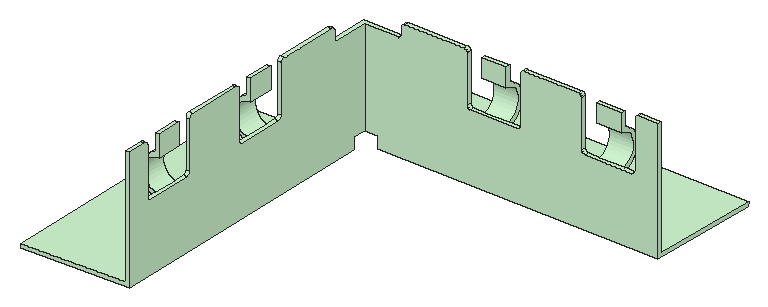
Revit family "25lbarj_el3025_out", category 機械設備, Revit 2022
Family settings
  丸型コネクタ寸法 = 直径を使用
  種別 = なし
  パーツ タイプ = 標準
  作業面ベース = いいえ
  常に垂直 = はい
  ロード時にボイドで切り取り = いいえ
  注釈の向きを維持 = いいえ
  共有 = いいえ
  部屋計算ポイント = いいえ
Parameters
  製造元 = "株式会社桐井製作所"
  既定の高さ = 0 mm
  URL = "https://www.kirii.co.jp/"
  K_材質 = "溶融亜鉛めっき鋼板及び鋼帯 SGCC 一般用"
  K_品名 = "25Lバー出隅J-eL3025(ツメ)"
  K_名称 = "Lバージョイント"
  K_入数 = "250"
  K_備考 = "対象Lバー:eL3025(25面)"
  K_バージョン情報 = "20220915"
  K_めっき付着量 = "Z12"
  K_JIS規格 = "JIS G 3302"
Reference planes
  plane 1 "中心(正面/背面)": y = 0
  plane 2: z = 0
  plane 3 "中心(左/右)": x = 0
Forms (mm)
  Extrusion 1, solid
    sketch origin (0, -0.819, 0) x (0, -1, 0) y (0, 0, 1)
      loop
        line (-0.8, 0.859) -> (-23.329, 0.278) -> (-23.301, -0.521) -> (0, 0.08) -> (0, 24.958) -> (-0.8, 24.958) -> (-0.8, 0.859)
    from -61 to -0.8
  Extrusion 2, solid
    sketch origin (0, 0.824, 0) x (-1, 0, 0) y (0, 0, -1)
      loop
        line (-0.8, -0.081) -> (-0.8, -24.987) -> (0, -24.987) -> (0, -0.86) -> (21.71, -0.287) -> (21.682, 0.513) -> (-0.8, -0.081)
    from 0.824 to 61.824
  Extrusion 3, void
    sketch origin (77.672, -0.019, -0.542) x (-1, 0, 0) y (0, 0, -1)
      loop
        arc (21.2, -24.8) -> (20.995, -25.295) -> (20.5, -25.5) r 0.7
        line (20.5, -25.5) -> (32.9, -25.5)
        arc (32.9, -25.5) -> (32.405, -25.295) -> (32.2, -24.8) r 0.7
        line (32.2, -24.8) -> (32.2, -15.2)
        arc (32.2, -15.2) -> (31.995, -14.705) -> (31.5, -14.5) r 0.7
        line (31.5, -14.5) -> (21.9, -14.5)
        arc (21.9, -14.5) -> (21.405, -14.705) -> (21.2, -15.2) r 0.7
        line (21.2, -15.2) -> (21.2, -24.8)
    from 0 to 0.8
  Extrusion 4, void
    sketch origin (54.172, -0.019, -0.542) x (-1, 0, 0) y (0, 0, -1)
      loop
        arc (21.2, -24.8) -> (20.995, -25.295) -> (20.5, -25.5) r 0.7
        line (20.5, -25.5) -> (32.9, -25.5)
        arc (32.9, -25.5) -> (32.405, -25.295) -> (32.2, -24.8) r 0.7
        line (32.2, -24.8) -> (32.2, -15.2)
        arc (32.2, -15.2) -> (31.995, -14.705) -> (31.5, -14.5) r 0.7
        line (31.5, -14.5) -> (21.9, -14.5)
        arc (21.9, -14.5) -> (21.405, -14.705) -> (21.2, -15.2) r 0.7
        line (21.2, -15.2) -> (21.2, -24.8)
    from 0 to 0.8
  Extrusion 5, void
    sketch origin (0, -24.3, 0) x (0, -1, 0) y (0, 0, -1)
      loop
        arc (21.2, -24.287) -> (20.995, -24.782) -> (20.5, -24.987) r 0.7
        line (20.5, -24.987) -> (32.9, -24.987)
        arc (32.9, -24.987) -> (32.405, -24.782) -> (32.2, -24.287) r 0.7
        line (32.2, -24.287) -> (32.2, -14.687)
        arc (32.2, -14.687) -> (31.995, -14.192) -> (31.5, -13.987) r 0.7
        line (31.5, -13.987) -> (21.9, -13.987)
        arc (21.9, -13.987) -> (21.405, -14.192) -> (21.2, -14.687) r 0.7
        line (21.2, -14.687) -> (21.2, -24.287)
    from 0 to 0.8
  Extrusion 6, void
    sketch origin (0, -0.8, -0.513) x (0, -1, 0) y (0, 0, -1)
      loop
        arc (21.2, -24.8) -> (20.995, -25.295) -> (20.5, -25.5) r 0.7
        line (20.5, -25.5) -> (32.9, -25.5)
        arc (32.9, -25.5) -> (32.405, -25.295) -> (32.2, -24.8) r 0.7
        line (32.2, -24.8) -> (32.2, -15.2)
        arc (32.2, -15.2) -> (31.995, -14.705) -> (31.5, -14.5) r 0.7
        line (31.5, -14.5) -> (21.9, -14.5)
        arc (21.9, -14.5) -> (21.405, -14.705) -> (21.2, -15.2) r 0.7
        line (21.2, -15.2) -> (21.2, -24.8)
    from 0 to 0.8
  Extrusion 7, solid
    sketch origin (0, -122.747, -6.122) x (1, 0, 0) y (0, 0, 1)
      loop
        line (0.8, 26.797) -> (0.8, 31.109) -> (0, 31.109) -> (0, 27.478)
        arc (0, 27.478) -> (-3.2, 23.378) -> (0, 19.278) r 4.227
        line (0, 19.278) -> (0, 20.109)
        arc (0, 20.109) -> (-2.376, 23.785) -> (0.8, 26.797) r 3.427
    from -74.3 to -69.3
  Extrusion 8, solid
    sketch origin (0, -99.247, -6.122) x (1, 0, 0) y (0, 0, 1)
      loop
        line (0.8, 26.797) -> (0.8, 31.109) -> (0, 31.109) -> (0, 27.478)
        arc (0, 27.478) -> (-3.2, 23.378) -> (0, 19.278) r 4.227
        line (0, 19.278) -> (0, 20.109)
        arc (0, 20.109) -> (-2.376, 23.785) -> (0.8, 26.797) r 3.427
    from -74.3 to -69.3
  Extrusion 9, void
    sketch origin (0, 0, 0) x (0, 1, 0) y (0, 0, 1)
      loop
        line (-7.8, 22.187) -> (0, 22.187) -> (0, 24.987) -> (-9.2, 24.987)
        arc (-9.2, 24.987) -> (-8.705, 24.782) -> (-8.5, 24.287) r 0.7
        line (-8.5, 24.287) -> (-8.5, 22.887)
        arc (-8.5, 22.887) -> (-8.295, 22.392) -> (-7.8, 22.187) r 0.7
    from 0 to 0.8
  Extrusion 10, void
    sketch origin (0, 0, 0) x (1, 0, 0) y (0, 0, 1)
      loop
        line (9.2, 24.958) -> (0.8, 24.958) -> (0.8, 22.158) -> (7.8, 22.158)
        arc (7.8, 22.158) -> (8.295, 22.363) -> (8.5, 22.858) r 0.7
        line (8.5, 22.858) -> (8.5, 24.258)
        arc (8.5, 24.258) -> (8.705, 24.753) -> (9.2, 24.958) r 0.7
    from 0 to 0.819
  Extrusion 11, void
    sketch origin (0, 0, 0) x (0, 1, 0) y (0, 0, 1)
      loop
        line (-0.819, 2.487) -> (-0.819, -1.042) -> (22.867, -1.042) -> (22.867, 2.487) -> (-0.819, 2.487)
    from 0 to 3.5
  Extrusion 12, void
    sketch origin (0, 0, 0) x (0, 1, 0) y (0, 0, 1)
      loop
        line (0, 2.487) -> (-3.5, 2.487) -> (-3.5, -1.132) -> (0, -1.132) -> (0, 2.487)
    from -22.081 to 0.8
  Extrusion 13, solid
    sketch origin (-44.358, -0.019, -6.152) x (0, -1, 0) y (0, 0, 1)
      loop
        line (0.8, 26.797) -> (0.8, 30.567) -> (0, 30.567) -> (0, 27.478)
        arc (0, 27.478) -> (-3.2, 23.378) -> (0, 19.278) r 4.227
        line (0, 19.278) -> (0, 20.109)
        arc (0, 20.109) -> (-2.376, 23.785) -> (0.8, 26.797) r 3.427
    from -74.3 to -69.3
  Extrusion 14, solid
    sketch origin (-20.702, -0.019, -6.152) x (0, -1, 0) y (0, 0, 1)
      loop
        line (0.8, 26.797) -> (0.8, 30.567) -> (0, 30.567) -> (0, 27.478)
        arc (0, 27.478) -> (-3.2, 23.378) -> (0, 19.278) r 4.227
        line (0, 19.278) -> (0, 20.109)
        arc (0, 20.109) -> (-2.376, 23.785) -> (0.8, 26.797) r 3.427
    from -74.3 to -69.3
Cuts and joins
  Extrusion 3, Extrusion 4, Extrusion 10, Extrusion 11 cuts Extrusion 1
  Extrusion 5, Extrusion 6, Extrusion 9, Extrusion 12 cuts Extrusion 2
  joined: Extrusion 1, Extrusion 2, Extrusion 7, Extrusion 8, Extrusion 13, Extrusion 14
Dimensions and locks
  aligned and locked: level to plane 2
